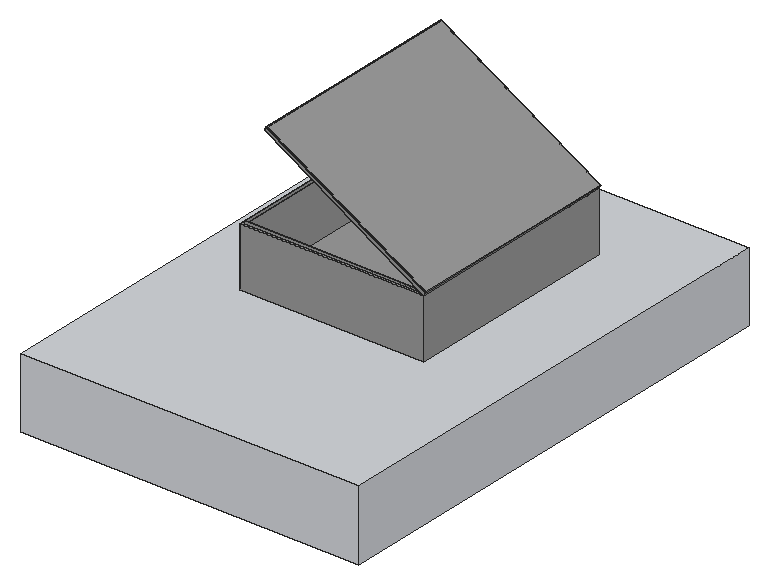
Revit family "Hager-Univers-IP55-D275-H950-Cl.II-Steel_encl-PT-pt", category Equipement électrique, Revit 2020
Family settings
  Hôte = Face
  Configuration du panneau = Deux colonnes, circuits au sein
  Cote de connecteur circulaire = Utiliser le diamètre
  Type d'élément = Tableau de raccordement
  Couper avec des vides une fois chargée = Non
  Partagée = Non
  Point de calcul de pièce = Non
Parameters (values of type "Montagem em superfície (gesso) IP55 L800 A950 P275  - FR63S")
  Width Control [instance] = if([EF000008 - Largura] > Min Width, [EF000008 - Largura], Min Width)  # 800 mm
  Commentaires du type = [HG000003 - Gama]  # "Univers"
  Thickness Door [instance] = if([EF009171 - Espessura do material da porta/tampa] > 3 mm, 3 mm, [EF009171 - Espessura do material da porta/tampa])  # 1.5 mm
  Seal Frame Offset [instance] = 17 mm  # constant formula
  Plinth Visibility [instance] = [HG000027 - Altura da Plinta] > 0 mm  # no
  Model = ""
  Min Width [instance] = 100 mm  # constant formula
  Min Height [instance] = 100 mm  # constant formula
  Min Depth [instance] = (2 * [EF009170 - Espessura do material do invólucro]) + 1 mm  # 4 mm
  Internal Frame Depth [instance] = (Door System Depth * 0.5)  # 9 mm
  Height Control [instance] = if([EF000040 - Altura] > Min Height, [EF000040 - Altura], Min Height)  # 950 mm
  HG000027 - Altura da Plinta = 0 mm
  HG000026 - Instalação no chão = no
  HG000024 - Altura da secção inferior = 800 mm
  HG000023 - Recinto de secção dupla = no
  HG000016 - Visibilidade da porta 3D [instance] = yes
  HG000015 - Visibilidade através da porta [instance] = no
  HG000014 - Porta à direita [instance] = yes
  HG000013 - Porta à esquerda [instance] = not([HG000014 - Porta à direita])  # no
  HG000012 - Ângulo de abertura de porta [instance] = 30.00°
  HG000010 - Portas assimétricas = no
  HG000009 - Porta dupla = no
  HG000006 - Encastrado = no
  HG000004 - Referência do Fabricante = "FR63S"
  HG000003 - Gama = "Univers"
  HG000002 - Com porta ou tampa = yes
  Frame Offset Bottom [instance] = 10 mm  # constant formula
  Frame Offset [instance] = 15 mm  # constant formula
  EF015940 - Tampa com libertação de sobrepressão = no
  EF011959 - Grau de proteção (NEMA) = ""
  EF009554 - Número de aberturas para placas de flange = 6
  Fabricant = "Hager"  # constant formula
  EF009212 - Tipo de tampa = "EV000116 - Fechado"
  EF009171 - Espessura do material da porta/tampa = 1.5 mm
  EF009170 - Espessura do material do invólucro = 1.5 mm
  EF008873 - Corrente nominal (In) = 800 A
  EF007800 - Adequado para proteção contra raios = no
  EF006306 - Com fecho = no
  EF006244 - Tampa/porta transparente = no
  EF005474 - Grau de proteção (IP) = "EV006420 - IP55"
  EF004464 - Tipo de porta = "EV002646 - Único"
  EF004427 - Número de módulos = 216
  EF004293 - Força de impacto = "EV008784 - IK10"
  EF003532 - Adequado para uso no exterior = no
  EF002950 - Largura em número de módulos = 24
  EF001613 - Integridade do circuito = "EV000494 - Nenhum"
  EF001596 - Material do corpo = "EV000179 - Aço"
  EF001131 - Profundidade interior = 275 mm
  EF001088 - Extensão possível = yes
  EF000437 - Número de entradas de condutores = 6
  EF000339 - Tipo de difusor = "EV004216 - Porta"
  EF000266 - Número de linhas = 6
  EF000218 - Profundidade incorporada = 0 mm
  EF000118 - Com tampa de montagem = no
  EF000116 - Número RAL = "7035"
  EF000049 - Profundidade = 275 mm
  EF000040 - Altura = 950 mm
  EF000008 - Largura = 800 mm
  EF000007 - Cor = "EV000270 - Cinzento"
  EF000003 - Método de montagem = "EV000384 - Montagem em superfície (gesso)"
  Door System Leaf Tolerance [instance] = 1.5 mm  # constant formula
  Door System Depth [instance] = 18 mm  # constant formula
  Door Height [instance] = Height Control - [HG000027 - Altura da Plinta]  # 950 mm
  Depth Control [instance] = if([EF000049 - Profundidade] > Min Depth, [EF000049 - Profundidade], Min Depth)  # 275 mm
  Default Elevation = 0 mm
  Connector Offset [instance] = Height Control / 2  # 475 mm
  Bottom Top Plate Trim [instance] = 1.5 mm  # constant formula
  Plinth height Ctrl [instance] = if([HG000027 - Altura da Plinta] > 0 mm, [HG000027 - Altura da Plinta], 12 mm)  # 12 mm
Types (5, lengths in mm): name | Width Control | HG000010 - Portas assimétricas | HG000009 - Porta dupla | HG000004 - Referência do Fabricante | EF009554 - Número de aberturas para placas de flange | EF004464 - Tipo de porta | EF004427 - Número de módulos | EF000437 - Número de entradas de condutores | EF000008 - Largura
  Montagem em superfície (gesso) IP55 L1050 A950 P275  - FR64S | 1050 | no | yes | "FR64S" | 8 | "EV003602 - Duplo" | 288 | 8 | 1050
  Montagem em superfície (gesso) IP55 L1300 A950 P275  - FR65S | 1300 | yes | yes | "FR65S" | 10 | "EV003602 - Duplo" | 360 | 10 | 1300
  Montagem em superfície (gesso) IP55 L300 A950 P275  - FR61S | 300 | no | no | "FR61S" | 2 | "EV002646 - Único" | 72 | 2 | 300
  Montagem em superfície (gesso) IP55 L550 A950 P275  - FR62S | 550 | no | no | "FR62S" | 4 | "EV002646 - Único" | 144 | 4 | 550
  Montagem em superfície (gesso) IP55 L800 A950 P275  - FR63S | 800 | no | no | "FR63S" | 6 | "EV002646 - Único" | 216 | 6 | 800
Reference planes
  plane 1 "Center (Front/Back)": y = 0
  plane 2: z = 0
  plane 3 "Center (Left/Right)": x = 0
  plane 4: z = 275
  plane 5: y = 1.5
  plane 6: y = 475
  plane 7: y = 0
  plane 8: y = 950
  plane 9: z = 0
  plane 10: x = -385
  plane 11: x = 385
  plane 12: x = 383.5
  plane 13: x = -383.5
  plane 14: y = 948.5
  plane 15: x = -383
  plane 16: x = -400
  plane 17: x = 383
  plane 18: x = 400
  plane 19: x = 398.5
  plane 20: x = -398.5
  plane 21: y = 11.5
  plane 22: y = 950
  plane 23: y = 933.5
  plane 24: z = 257
  plane 25: z = 1.5
  plane 26: z = 255.5
  plane 27: z = 273.5
Forms (mm)
  Extrusion 1, solid
    sketch origin (0, 0, 0) x (1, 0, 0) y (0, 1, 0)
      loop
        line (-702.964, 1305) -> (-702.964, -811.445) -> (766.763, -811.445) -> (766.763, 1305) -> (-702.964, 1305)
    from 0 to -304.8
  Extrusion 2, solid, material "Hager_Steel_RAL7035_Light_Grey", visible <- "Plinth Visibility", detail levels medium+fine
    sketch origin (0, 0, 0) x (1, 0, 0) y (0, 1, 0)
      loop
        line (-400, 0) -> (400, 0) -> (400, 12) -> (-400, 12) -> (-400, 0)
    from 0 to 257
  Extrusion 3, solid, material "Hager_Steel_RAL7035_Light_Grey", detail levels medium+fine
    sketch origin (0, 0, 0) x (1, 0, 0) y (0, 1, 0)
      loop
        line (-400, 0) -> (400, 0) -> (400, 950) -> (-400, 950) -> (-400, 0)
    from 0 to 257
  Extrusion 4, void
    sketch origin (0, 0, 0) x (1, 0, 0) y (0, 1, 0)
      loop
        line (-398.5, 1.5) -> (398.5, 1.5) -> (398.5, 948.5) -> (-398.5, 948.5) -> (-398.5, 1.5)
    from 1.5 to 255.5
  Extrusion 5, void
    sketch origin (-381.607, -4572, 257) x (0, -1, 0) y (-1, 0, 0)
      loop
        line (-4583.5, 1.893) -> (-5505.5, 1.893) -> (-5505.5, -765.107) -> (-4583.5, -765.107) -> (-4583.5, 1.893)
    from 0 to 1.5 <- "EF009170 - Espessura do material do invólucro"
  Extrusion 6, solid, material "Hager_Steel_RAL7035_Light_Grey", detail levels fine
    sketch origin (0, 0, 257) x (1, 0, 0) y (0, 1, 0)
      loop
        line (-383.5, 933.5) -> (-383.5, 11.5) -> (383.5, 11.5) -> (383.5, 933.5) -> (-383.5, 933.5)
      loop
        line (-385, 10) -> (385, 10) -> (385, 935) -> (-385, 935) -> (-385, 10)
    from 0 to 9 <- "Internal Frame Depth"
  Extrusion 7, solid, material "Hager_Steel_RAL7035_Light_Grey", detail levels coarse
    sketch origin (0, 0, 0) x (1, 0, 0) y (0, 1, 0)
      loop
        line (-400, 0) -> (400, 0) -> (400, 950) -> (-400, 950) -> (-400, 0)
    from 0 to 275
  Sweep 8, void
    path in 3D
      loop
        line (-400, 12, 0) -> (400, 12, 0) -> (400, 12, 257) -> (-400, 12, 257) -> (-400, 12, 0)
    profile origin (-400, 12, 128.5) x (-1, 0, 0) y (0, -1, 0)
      loop
        line (0, 0) -> (0, 1.5) -> (-1.5, 1.5)
        arc (-1.5, 1.5) -> (-1.061, 0.439) -> (0, 0) r 1.5
Cuts and joins
  Extrusion 4, Extrusion 5 cuts Extrusion 3
  Sweep 8 cuts Extrusion 2
Lines and regions (mm)
  Masking region 1
    outline origin (0, 0, 0) x (1, 0, 0) y (0, 0, 1)
      loop
        line (-400, 275) -> (-400, 0) -> (400, 0) -> (400, 275) -> (-400, 275)
  Masking region 2, detail levels medium+fine
    outline origin (0, 140, 0) x (0, 1, 0) y (0, 0, 1)
      loop
        line (-140, 0) -> (810, 0) -> (810, 257) -> (-140, 257) -> (-140, 0)
  Masking region 3, not visible, detail levels medium+fine
    outline origin (0, 297.922, 0) x (0, 1, 0) y (0, 0, 1)
      loop
        line (188.578, 0) -> (228.578, 0) -> (228.578, 263.5)
        arc (228.578, 263.5) -> (225.649, 270.571) -> (218.578, 273.5) r 10
        line (218.578, 273.5) -> (188.578, 273.5) -> (188.578, 0)
  Masking region 4, detail levels coarse
    outline origin (0, 0, 180) x (0, 1, 0) y (0, 0, 1)
      loop
        line (0, -180) -> (950, -180) -> (950, 95) -> (0, 95) -> (0, -180)
  Masking region 5, visible <- "Plinth Visibility", detail levels medium+fine
    outline origin (0, 52.24, 12.345) x (0, 0, -1) y (0, 1, 0)
      loop
        line (10.845, -40.24) -> (-243.155, -40.24)
        arc (-243.155, -40.24) -> (-243.594, -41.301) -> (-244.655, -41.74) r 1.5
        line (-244.655, -41.74) -> (-244.655, -52.24) -> (12.345, -52.24) -> (12.345, -41.74)
        arc (12.345, -41.74) -> (11.285, -41.301) -> (10.845, -40.24) r 1.5
  Masking region 6, detail levels medium+fine
    outline origin (-381.607, -4572, 257) x (-1, 0, 0) y (0, -1, 0)
      loop
        line (18.393, -5522) -> (18.393, -4572) -> (-781.607, -4572) -> (-781.607, -5522) -> (18.393, -5522)
  Masking region 7, visible <- "Plinth Visibility", detail levels medium+fine
    outline origin (-381.607, -4727, 257) x (-1, 0, 0) y (0, -1, 0)
      loop
        arc (16.893, -4739) -> (17.332, -4737.939) -> (18.393, -4737.5) r 1.5
        line (18.393, -4737.5) -> (18.393, -4727) -> (-781.607, -4727) -> (-781.607, -4737.5)
        arc (-781.607, -4737.5) -> (-780.546, -4737.939) -> (-780.107, -4739) r 1.5
        line (-780.107, -4739) -> (16.893, -4739)
  Masking region 8, detail levels coarse
    outline origin (-442.548, -4669.526, 257) x (-1, 0, 0) y (0, -1, 0)
      loop
        line (-42.548, -5619.526) -> (-42.548, -4669.526) -> (-842.548, -4669.526) -> (-842.548, -5619.526) -> (-42.548, -5619.526)
  sketch lines
    curve 1: line (-400, 12, 257) -> (-400, 12, 0)
    curve 2: line (400, 12, 257) -> (-400, 12, 257)
    curve 3: line (400, 12, 257) -> (400, 12, 0)
    curve 4: line (-400, 12, 0) -> (400, 12, 0)
Dimensions and locks
  "Depth Control": plane 4 to Extrusion 1
  "HG000027 - Altura da Plinta": plane 1 "Center (Front/Back)" to plane 7
  "EF009170 - Espessura do material do invólucro": plane 5 to plane 7
  locked: connector elem to plane 3 "Center (Left/Right)"
  equal spacing: plane 8, plane 6, plane 7
  locked: connector elem to plane 6
  "EF009170 - Espessura do material do invólucro": plane 8 to plane 14
  "EF009170 - Espessura do material do invólucro": plane 10 to plane 13
  "EF009170 - Espessura do material do invólucro": plane 12 to plane 11
  "Frame Offset": plane 20 to plane 13
  "Frame Offset": plane 12 to plane 19
  "EF009170 - Espessura do material do invólucro": plane 16 to plane 20
  "EF009170 - Espessura do material do invólucro": plane 19 to plane 18
  "Seal Frame Offset": plane 16 to plane 15
  "Seal Frame Offset": plane 17 to plane 18
  "Frame Offset Bottom": plane 21 to plane 5
  "Frame Offset": plane 14 to plane 23
  equal spacing: plane 16, plane 3 "Center (Left/Right)", plane 18
  "Width Control": plane 16 to plane 18
  "EF009170 - Espessura do material do invólucro": plane 4 to plane 27
  "EF009170 - Espessura do material do invólucro": plane 24 to plane 26
  "EF009170 - Espessura do material do invólucro": plane 25 to level
  "Door System Depth": plane 4 to plane 24
  "Height Control": plane 1 "Center (Front/Back)" to Extrusion 7 sketch curve
  "Height Control": Masking region 4 sketch curve to plane 1 "Center (Front/Back)"
  "Height Control": plane 1 "Center (Front/Back)" to plane 22
  "Bottom Top Plate Trim": profile plane to Sweep 8 sketch curve
  "Bottom Top Plate Trim": Sweep 8 sketch curve to profile plane
  "Plinth height Ctrl": plane 1 "Center (Front/Back)" to Extrusion 2 sketch curve
  "Plinth height Ctrl": Masking region 5 sketch curve to plane 1 "Center (Front/Back)"
  "Plinth height Ctrl": plane 1 "Center (Front/Back)" to Masking region 7 sketch curve
  "Thickness Door": Extrusion 6 sketch curve to Extrusion 6 sketch curve  (x3)
  "Thickness Door": cut or joined group of Extrusion 3, Extrusion 4, Extrusion 5 to Extrusion 6 sketch curve
  radius of Masking region 3 sketch curve = 10 mm
  "Bottom Top Plate Trim": radius of Masking region 5 sketch curve  (x2)
  "Bottom Top Plate Trim": radius of Sweep 8 sketch curve
  "Bottom Top Plate Trim": radius of Masking region 7 sketch curve  (x2)
  aligned and locked: plane 2 to Extrusion 1
  aligned and locked: level to Extrusion 1
  aligned and locked: level to Masking region 1 sketch curve
  aligned and locked: Masking region 1 sketch curve to plane 18
  aligned and locked: Masking region 1 sketch curve to plane 16
  aligned and locked: plane 7 to Masking region 2 sketch curve
  aligned and locked: level to Masking region 3 sketch curve
  aligned and locked: Masking region 3 sketch curve to plane 27
  aligned and locked: level to Masking region 2 sketch curve
  aligned and locked: plane 1 "Center (Front/Back)" to Extrusion 2 sketch curve
  aligned and locked: Extrusion 3 sketch curve to plane 7
  aligned and locked: plane 16 to Extrusion 3 sketch curve
  aligned and locked: plane 18 to Extrusion 3 sketch curve
  aligned and locked: plane 20 to Extrusion 4 sketch curve
  aligned and locked: plane 19 to Extrusion 4 sketch curve
  aligned and locked: Extrusion 4 sketch curve to plane 5
  aligned and locked: Extrusion 4 to plane 25
  aligned and locked: plane 26 to Extrusion 4
  aligned and locked: plane 24 to Extrusion 3
  aligned and locked: Extrusion 5 sketch curve to plane 21
  aligned and locked: Extrusion 5 sketch curve to plane 13
  aligned and locked: Extrusion 5 sketch curve to plane 12
  aligned and locked: plane 18 to Extrusion 7 sketch curve
  aligned and locked: plane 1 "Center (Front/Back)" to Extrusion 7 sketch curve
  aligned and locked: plane 16 to Extrusion 7 sketch curve
  aligned and locked: plane 4 to Extrusion 7
  aligned and locked: Extrusion 7 to level
  aligned and locked: level to Masking region 4 sketch curve
  aligned and locked: Masking region 4 sketch curve to plane 1 "Center (Front/Back)"
  aligned and locked: Masking region 4 sketch curve to plane 4
  aligned and locked: nested 1 to level
  aligned and locked: nested 1 to plane 16
  aligned and locked: plane 8 to Extrusion 3 sketch curve
  aligned and locked: plane 23 to Extrusion 5 sketch curve
  aligned and locked: plane 14 to Extrusion 4 sketch curve
  aligned and locked: Masking region 2 sketch curve to plane 8
  aligned and locked: level to Masking region 5 sketch curve
  aligned and locked: plane 16 to Extrusion 2 sketch curve
  aligned and locked: plane 18 to Extrusion 2 sketch curve
  aligned and locked: Masking region 5 sketch curve to plane 24
  aligned and locked: Masking region 2 sketch curve to plane 24
  aligned and locked: plane 24 to Extrusion 2
  aligned and locked: profile plane to Sweep 8 sketch curve  (x2)
  aligned and locked: Masking region 6 sketch curve to plane 18
  aligned and locked: Masking region 6 sketch curve to plane 22
  aligned and locked: Masking region 6 sketch curve to plane 16
  aligned and locked: plane 8 to plane 22
  aligned and locked: Masking region 6 sketch curve to plane 7
  aligned and locked: Masking region 7 sketch curve to plane 16
  aligned and locked: Masking region 7 sketch curve to plane 1 "Center (Front/Back)"
  aligned and locked: Masking region 7 sketch curve to plane 18
  aligned and locked: Masking region 8 sketch curve to plane 1 "Center (Front/Back)"
  aligned and locked: Masking region 8 sketch curve to plane 18
  aligned and locked: Masking region 8 sketch curve to plane 22
  aligned and locked: Masking region 8 sketch curve to plane 16
  aligned and locked: nested 2 to plane 7
  aligned and locked: plane 3 "Center (Left/Right)" to nested 2
  aligned and locked: nested 2 to plane 24
  aligned and locked: Extrusion 6 sketch curve to cut or joined group of Extrusion 3, Extrusion 4, Extrusion 5  (x4)
Automatic sketch dimensions
  Extrusion 1 sketch curve to Extrusion 1 sketch curve = 1469.727 mm
  Extrusion 1 sketch curve to Extrusion 1 sketch curve = 2116.445 mm
  Masking region 1 sketch curve to plane 4 = 0 mm
  plane 6 to Masking region 3 sketch curve = 11.5 mm
  Masking region 3 sketch curve to Masking region 3 sketch curve = 30 mm
  Masking region 5 sketch curve to plane 1 "Center (Front/Back)" = 0 mm
Nested families
  nested 1: "Hager_Enclosure_Symbol" at (-400, 0, 0) x (1, 0, 0) z (0, -1, 0), Height <- "Depth Control", Width <- "Width Control", type "Hager_Enclosure_Symbol"
    with Width_Ctrl 800 mm, Width 800 mm, Height_Ctrl 275 mm, Height 275 mm, A_Width_Int 18.047 mm, A_Width 216.562 mm, A_Height_Ctrl 240.625 mm, A_Height 240.625 mm
  nested 2: "EC000058_Univers_Door" at (0, 0, 257) x (1, 0, 0) z (0, 1, 0), Leaf_Tolerance <- "Door System Leaf Tolerance", Angle <- "HG000012 - Ângulo de abertura de porta", Door_Depth <- "Door System Depth", Door_Left <- "HG000013 - Porta à esquerda", Transparent <- "EF006244 - Tampa/porta transparente", Assymetrical <- "HG000010 - Portas assimétricas", Width <- "Width Control", Clearance <- "HG000015 - Visibilidade através da porta", Double <- "HG000009 - Porta dupla", 3d_Door <- "HG000016 - Visibilidade da porta 3D", Lock_Visibility <- "EF006306 - Com fecho", Width_Ctrl <- "Width Control", Door_Right <- "HG000014 - Porta à direita", Door <- "HG000002 - Com porta ou tampa", Height <- "Door Height", Thickness <- "Thickness Door", type "EC000058_Univers_Door", detail levels medium+fine
    with min_wh 4 mm, Width_Ctrl 800 mm, Width 800 mm, Transparent no, Thickness 1.5 mm, Seal_Material Hager_Rubber, Lock_Visibility no, Lock_Material Hager_Plastic_RAL9005_Jet_Black, Leaf_Width 800 mm, Leaf_Tolerance_External_Sides 0 mm, Leaf_Tolerance 1.5 mm, Leaf_Offset 0 mm, Leaf_Height 947 mm, Leaf_2_Width 800 mm, Leaf_2_Offset 400 mm, Leaf_1_Width 800 mm, Leaf_1_Offset 400 mm, Height_Ctrl 950 mm, Height 950 mm, Glass_Material Hager_Glass, Double_Clearance_Ctrl no, Double no, Door_Right_Ctrl yes, Door_Right yes, Door_Material Hager_Steel_RAL7035_Light_Grey, Door_Left_Ctrl no, Door_Left no, Door_Depth 18 mm, Door yes, Clearance_Material Hager_Clearance, Clearance_Depth 800 mm, Clearance_Ctrl no, Clearance no, Assymetrical no, Angle 30.00°, 3d_Door yes
Connectors
  electrical at (0, 475, 0)
    settings: on plane 9, index 1, voltage 0 V, apparent load 0 VA, apparent load phase1 0 VA, apparent load phase2 0 VA, apparent load phase3 0 VA, power factor 1, load classification "Other", number of poles 1, system type 30, power factor state 1, is connector primary yes, connector utility no, sub classification motor no, connector description ""
Definition of nested family "EC000058_Univers_Door"
  Parameters (values of type "EC000058_Univers_Door")
    min_wh [instance] = (2 * Thickness) + 1 mm  # 11 mm
    Width_Ctrl [instance] = 400 mm
    Width [instance] = 500 mm
    Transparent [instance] = yes
    Thickness [instance] = 5 mm
    Seal_Material [instance] = none
    Lock_Visibility [instance] = yes
    Lock_Material [instance] = none
    Leaf_Width [instance] = if((Width_Ctrl - 2 * Leaf_Tolerance_External_Sides) > 0 mm, (Width_Ctrl - 2 * Leaf_Tolerance_External_Sides), min_wh)  # 400 mm
    Leaf_Tolerance_External_Sides [instance] = 0 mm  # constant formula
    Leaf_Tolerance [instance] = 1.5 mm
    Leaf_Offset [instance] = 0 mm  # constant formula
    Leaf_Height [instance] = if((Height_Ctrl - 2 * Leaf_Tolerance) > 0 mm, (Height_Ctrl - 2 * Leaf_Tolerance), min_wh)  # 497 mm
    Leaf_2_Width [instance] = if(and(and(Double, Assymetrical), Door_Left), (Leaf_Width / 3) - (Leaf_Tolerance / 2), if(and(and(Double, Assymetrical), Door_Right), (Leaf_Width / 3) * 2 - (Leaf_Tolerance / 2), if(and(Double, not(Assymetrical)), (Leaf_Width / 2) - Leaf_Tolerance, Leaf_Width)))  # 400 mm
    Leaf_2_Offset [instance] = if(and(Double, Assymetrical), Leaf_2_Width / 2, if(and(Double, not(Assymetrical)), Leaf_Width / 4, Leaf_Width / 2))  # 200 mm
    Leaf_1_Width [instance] = if(and(and(Double, Assymetrical), Door_Right), (Leaf_Width / 3) - (Leaf_Tolerance / 2), if(and(and(Double, Assymetrical), Door_Left), (Width / 3) * 2 - (Leaf_Tolerance / 2), if(and(Double, not(Assymetrical)), (Leaf_Width / 2) - Leaf_Tolerance, Leaf_Width)))  # 400 mm
    Leaf_1_Offset [instance] = if(and(Double, Assymetrical), Leaf_1_Width / 2, if(and(Double, not(Assymetrical)), Leaf_Width / 4, Leaf_Width / 2))  # 200 mm
    Height_Ctrl [instance] = if(Height > min_wh, Height, min_wh)  # 500 mm
    Height [instance] = 500 mm
    Glass_Material [instance] = none
    Double_Clearance_Ctrl [instance] = and(Double, Clearance)  # no
    Double [instance] = no
    Door_Right_Ctrl [instance] = and(or(Door_Right, Double), Door)  # yes
    Door_Right [instance] = yes
    Door_Material [instance] = none
    Door_Left_Ctrl [instance] = and(or(Door_Left, Double), Door)  # no
    Door_Left [instance] = no
    Door_Depth [instance] = 30 mm
    Door [instance] = yes
    Default Elevation = 1219.2 mm
    Clearance_Material [instance] = none
    Clearance_Depth [instance] = if(Leaf_1_Width > Leaf_2_Width, Leaf_1_Width, Leaf_2_Width)  # 400 mm
    Clearance_Ctrl [instance] = and(not(Double), Clearance)  # yes
    Clearance [instance] = yes
    Assymetrical [instance] = yes
    Angle [instance] = 30.00°
    3d_Door [instance] = yes
  Reference planes
    plane 1 "Center (Front/Back)": y = 0
    plane 2 "Bottom": z = 0
    plane 3 "Center (Left/Right)": x = 0
    plane 4: z = 500
    plane 5: x = -200
    plane 6: x = 200
    plane 7: z = 500
    plane 8: x = -200
    plane 9: z = 0
    plane 10: x = 200
    plane 11: y = 0
    plane 12: z = 1.5
    plane 13: x = -600
    plane 14: y = -400
    plane 15: x = 600
    plane 16: x = 0
    plane 17: x = 0
    plane 18: x = -200
    plane 19: x = 200
    plane 20: z = 498.5
  Forms (mm)
    Extrusion 1, solid, material <- "Clearance_Material", visible <- "Double_Clearance_Ctrl"
      sketch origin (1200, 0, 0) x (1, 0, 0) y (0, 0, -1)
        loop
          line (-1800, -498.5) -> (-600, -498.5) -> (-600, 0) -> (-1800, 0) -> (-1800, -498.5)
      from 0 to -400
  Dimensions and locks
    equal spacing: plane 5, plane 3 "Center (Left/Right)", plane 6
    "Width_Ctrl": plane 5 to plane 6
    "Leaf_Offset": plane 5 to plane 8
    "Leaf_Offset": plane 6 to plane 10
    "Leaf_Offset": plane 9 to level
    "Leaf_Offset": plane 4 to plane 7
    "Height_Ctrl": plane 4 to level
    "Leaf_Tolerance": plane 12 to plane 9
    locked: plane 11 to plane 1 "Center (Front/Back)"
    "Leaf_1_Offset": plane 18 to plane 16
    "Leaf_2_Offset": plane 17 to plane 19
    "Leaf_1_Width": plane 13 to plane 8
    "Leaf_2_Width": plane 10 to plane 15
    "Clearance_Depth": plane 14 to plane 1 "Center (Front/Back)"
    "Leaf_Tolerance_External_Sides": plane 8 to plane 18
    "Leaf_Tolerance_External_Sides": plane 19 to plane 10
    "Leaf_Tolerance": plane 7 to plane 20
    aligned and locked: level to plane 2 "Bottom"
    aligned and locked: nested 1 to plane 16
    aligned and locked: nested 2 to plane 17
    aligned and locked: Extrusion 1 to plane 13
    aligned and locked: plane 15 to Extrusion 1
    aligned and locked: Extrusion 1 to plane 14
    aligned and locked: plane 12 to nested 1
    aligned and locked: nested 2 to plane 12
    aligned and locked: Extrusion 1 to plane 11
    aligned and locked: plane 20 to Extrusion 1
    aligned and locked: nested 2 to plane 11
    aligned and locked: nested 1 to plane 11
  Automatic sketch dimensions
    Extrusion 1 sketch curve to level = 0 mm
    plane 5 to Extrusion 1 sketch curve = 400 mm
    plane 6 to Extrusion 1 sketch curve = 400 mm
    Extrusion 1 sketch curve to plane 4 = 1.5 mm
  Nested families
    nested 1: "EC000058_Univers_Door_Leaf" at (0, 0, 1.5), Width <- "Leaf_1_Width", visible <- "Door_Left_Ctrl", Leaf_Height <- "Leaf_Height", Angle <- "Angle", 3d_Door <- "3d_Door", Transparent <- "Transparent", Clearance Material <- "Clearance_Material", Clearance <- "Clearance_Ctrl", Door_Material <- "Door_Material", Glass_Material <- "Glass_Material", Door_Depth <- "Door_Depth", Lock_Material <- "Lock_Material", Seal_Material <- "Seal_Material", Lock_Visibility <- "Lock_Visibility", Thickness <- "Thickness", type "EC000058_Univers_Door_Leaf"
      with Width 400 mm, Transparent_Glass_Offset 30 mm, Transparent_Ctrl yes, Transparent yes, Thickness 5 mm, Standard no, Seal_Material none, Seal_D2 8 mm, Seal_D1 1 mm, Offset_Internal_Frame 10 mm, Lock_Width 20 mm, Lock_Visibility_3d yes, Lock_Visibility yes, Lock_Thickness_3 3 mm, Lock_Thickness_2 1 mm, Lock_Thickness_1 3 mm, Lock_Radius_Offset_2 16 mm, Lock_Radius_Offset_1 15 mm, Lock_Radius_2 5 mm, Lock_Radius 6 mm, Lock_Offset 5 mm, Lock_Material none, Lock_Height 80 mm, Lock_Cover_Top_Offset_2d 17 mm, Lock_Cover_Height -65 mm, Leaf_Height 497 mm, Internal_Seal_Thickness 8 mm, Internal_Seal_Depth_2 4.5 mm, Internal_Frame_Depth 25 mm, Glass_Thickness -1 mm, Glass_Offset -2 mm, Glass_Material none, Door_Material none, Door_Depth 30 mm, Clearance Material none, Clearance yes, Angle_Ctrl 30.00°, Angle 30.00°, 3d_Door yes
    nested 2: "EC000058_Univers_Door_Leaf" at (0, 0, 1.5) x (-1, 0, 0) z (0, 0, 1), Width <- "Leaf_2_Width", visible <- "Door_Right_Ctrl", Leaf_Height <- "Leaf_Height", Angle <- "Angle", 3d_Door <- "3d_Door", Transparent <- "Transparent", Clearance Material <- "Clearance_Material", Clearance <- "Clearance_Ctrl", Door_Material <- "Door_Material", Glass_Material <- "Glass_Material", Door_Depth <- "Door_Depth", Lock_Material <- "Lock_Material", Seal_Material <- "Seal_Material", Lock_Visibility <- "Lock_Visibility", Thickness <- "Thickness", type "EC000058_Univers_Door_Leaf"
      with Width 400 mm, Transparent_Glass_Offset 30 mm, Transparent_Ctrl yes, Transparent yes, Thickness 5 mm, Standard no, Seal_Material none, Seal_D2 8 mm, Seal_D1 1 mm, Offset_Internal_Frame 10 mm, Lock_Width 20 mm, Lock_Visibility_3d yes, Lock_Visibility yes, Lock_Thickness_3 3 mm, Lock_Thickness_2 1 mm, Lock_Thickness_1 3 mm, Lock_Radius_Offset_2 16 mm, Lock_Radius_Offset_1 15 mm, Lock_Radius_2 5 mm, Lock_Radius 6 mm, Lock_Offset 5 mm, Lock_Material none, Lock_Height 80 mm, Lock_Cover_Top_Offset_2d 17 mm, Lock_Cover_Height -65 mm, Leaf_Height 497 mm, Internal_Seal_Thickness 8 mm, Internal_Seal_Depth_2 4.5 mm, Internal_Frame_Depth 25 mm, Glass_Thickness -1 mm, Glass_Offset -2 mm, Glass_Material none, Door_Material none, Door_Depth 30 mm, Clearance Material none, Clearance yes, Angle_Ctrl 30.00°, Angle 30.00°, 3d_Door yes
  Definition of nested family "EC000058_Univers_Door_Leaf"
    Parameters (values of type "EC000058_Univers_Door_Leaf")
      Width [instance] = 2000 mm
      Transparent_Glass_Offset [instance] = 30 mm
      Transparent_Ctrl [instance] = and(Transparent, [3d_Door])  # yes
      Transparent [instance] = yes
      Thickness [instance] = 5 mm
      Standard [instance] = and(not(Transparent), [3d_Door])  # no
      Seal_Material [instance] = none
      Seal_D2 [instance] = 8 mm  # constant formula
      Seal_D1 [instance] = 1 mm  # constant formula
      Offset_Internal_Frame [instance] = 10 mm  # constant formula
      Lock_Width [instance] = 20 mm  # constant formula
      Lock_Visibility_3d [instance] = and(Lock_Visibility, [3d_Door])  # yes
      Lock_Visibility [instance] = yes
      Lock_Thickness_3 [instance] = 3 mm  # constant formula
      Lock_Thickness_2 [instance] = 1 mm  # constant formula
      Lock_Thickness_1 [instance] = 3 mm  # constant formula
      Lock_Radius_Offset_2 [instance] = Lock_Radius_Offset_1 + 1 mm  # 16 mm
      Lock_Radius_Offset_1 [instance] = 15 mm  # constant formula
      Lock_Radius_2 [instance] = Lock_Radius - 1 mm  # 5 mm
      Lock_Radius [instance] = 6 mm  # constant formula
      Lock_Offset [instance] = 5 mm  # constant formula
      Lock_Material [instance] = none
      Lock_Height [instance] = 80 mm  # constant formula
      Lock_Cover_Top_Offset_2d [instance] = Lock_Radius_Offset_2 + 1 mm  # 17 mm
      Lock_Cover_Height [instance] = -(Lock_Height - Lock_Radius_Offset_1)  # -65 mm
      Leaf_Height [instance] = 2720.336 mm
      Internal_Seal_Thickness [instance] = 8 mm  # constant formula
      Internal_Seal_Depth_2 [instance] = 4.5 mm  # constant formula
      Internal_Frame_Depth [instance] = if(Door_Depth - Thickness > 5 mm, Door_Depth - Thickness, 5 mm)  # 25 mm
      Glass_Thickness [instance] = if(Thickness > 15 mm, Glass_Offset + 10 mm, -1 mm)  # -1 mm
      Glass_Offset [instance] = if(Thickness > 15 mm, -(Thickness + 10 mm) / 2, -2 mm)  # -2 mm
      Glass_Material [instance] = none
      Door_Material [instance] = none
      Door_Depth [instance] = 30 mm
      Default Elevation = 0 mm
      Clearance Material [instance] = none
      Clearance [instance] = yes
      Angle_Ctrl [instance] = if(Angle > 180.00°, 180.00°, Angle)  # 90.00°
      Angle [instance] = 90.00°
      3d_Door [instance] = yes
    Reference planes
      plane 1 "Center (Front/Back)": y = 0
      plane 2: z = 0
      plane 3 "Center (Left/Right)": x = 0
      plane 4: y = 2000
      plane 5: x = -1000
      plane 6: x = 1000
      plane 7: x = -3000
      plane 8: z = 2720.336
      plane 9: z = 30
      plane 10: z = 2690.336
      plane 11: x = 970
      plane 12: x = -970
      plane 13: y = -3
      plane 14: z = 107.833
      plane 15: y = -5
      plane 16: y = -223.314
      plane 17: x = -1000
      plane 18: z = 1360.168
      plane 19: y = 30
    Forms (mm)
      Extrusion 1, solid, material <- "Clearance Material", visible <- "Clearance"
        sketch origin (0, 0, 0) x (1, 0, 0) y (0, 0, 1)
          loop
            line (-3000, 2720.336) -> (-3000, 0) -> (1000, 0) -> (1000, 2720.336) -> (-3000, 2720.336)
        from 0 to -2000
      Extrusion 2, solid, material <- "Door_Material", visible <- "Standard", detail levels medium+fine
        sketch origin (-1000, 0, 0) x (0, 1, 0) y (-1, 0, 0)
          loop
            line (0, 30) -> (0, 25) -> (2000, 25) -> (2000, 30) -> (0, 30)
        from 0 to 2720.336 <- "Leaf_Height"
      Extrusion 3, solid, material <- "Door_Material", visible <- "Transparent_Ctrl", detail levels medium+fine
        sketch origin (-1000, 0, 0) x (0, 1, 0) y (-1, 0, 0)
          loop
            line (0, 25) -> (2000, 25) -> (2000, 30) -> (0, 30) -> (0, 25)
        from 0 to 2720.336 <- "Leaf_Height"
      Extrusion 4, void
        sketch origin (-1025, 2000, 0) x (0, 1, 0) y (0, 0, -1)
          loop
            line (-30, -2690.336) -> (-30, -30) -> (-1970, -30) -> (-1970, -2690.336) -> (-30, -2690.336)
        from 0 to 5 <- "Thickness"
      Sweep 5, solid, material <- "Seal_Material", visible <- "Transparent_Ctrl", detail levels fine
        path in 3D
          loop
            line (-1025, 30, 30) -> (-1025, 30, 2690.336) -> (-1025, 1970, 2690.336) -> (-1025, 1970, 30) -> (-1025, 30, 30)
        profile origin (-1025, 1000, 30) x (1, 0, 0) y (0, 0, 1)
          loop
            line (0, 0) -> (0, -8) -> (1, -8) -> (1, 0) -> (0, 0)
      Extrusion 6, solid, material <- "Glass_Material", visible <- "Transparent_Ctrl", detail levels medium+fine
        sketch origin (-1030, 0, 0) x (0, 1, 0) y (0, 0, -1)
          loop
            line (1970, -2690.336) -> (1970, -30) -> (30, -30) -> (30, -2690.336) -> (1970, -2690.336)
        from -2 <- "Glass_Offset" to -1 <- "Glass_Thickness"
      Extrusion 7, solid, material <- "Door_Material", visible <- "3d_Door", detail levels medium+fine
        sketch origin (-1025, 2000, 0) x (0, -1, 0) y (0, 0, -1)
          loop
            line (0, -2720.336) -> (2000, -2720.336) -> (2000, 0) -> (0, 0) -> (0, -2720.336)
          loop
            line (1995, -5) -> (5, -5) -> (5, -2715.336) -> (1995, -2715.336) -> (1995, -5)
        from 0 to 25 <- "Internal_Frame_Depth"
      Sweep 8, solid, material <- "Seal_Material", visible <- "Transparent_Ctrl", detail levels fine
        path in 3D
          loop
            line (-1025, 0, 0) -> (-1025, 2000, 0) -> (-1025, 2000, 2720.336) -> (-1025, 0, 2720.336) -> (-1025, 0, 0)
        profile origin (-1025, 0, 1360.168) x (1, 0, 0) y (0, 1, 0)
          loop
            line (0, 10) -> (2.975, 10)
            arc (2.975, 10) -> (4.053, 10.447) -> (4.5, 11.525) r 1.525
            line (4.5, 11.525) -> (4.5, 16.527)
            arc (4.5, 16.527) -> (4.069, 17.569) -> (3.027, 18) r 1.473
            line (3.027, 18) -> (0, 18) -> (0, 10)
      Extrusion 9, solid, material <- "Lock_Material", visible <- "Lock_Visibility_3d", detail levels fine
        sketch origin (-1030, 0, 0) x (0, 1, 0) y (0, 0, -1)
          loop
            arc (1993.5, -1400.168) -> (1994.561, -1399.729) -> (1995, -1398.668) r 1.5
            line (1995, -1398.668) -> (1995, -1320.168) -> (1975, -1320.168) -> (1975, -1398.668)
            arc (1975, -1398.668) -> (1975.439, -1399.729) -> (1976.5, -1400.168) r 1.5
            line (1976.5, -1400.168) -> (1993.5, -1400.168)
        from 3 <- "Lock_Thickness_1" to 0
      Blend 10, solid, material <- "Lock_Material", visible <- "Lock_Visibility_3d", detail levels fine
        base sketch origin (-1033, 0, 0) x (0, 1, 0) y (0, 0, -1)
          loop
            line (1975, -1320.168) -> (1975, -1398.668)
            arc (1975, -1398.668) -> (1975.439, -1399.729) -> (1976.5, -1400.168) r 1.5
            line (1976.5, -1400.168) -> (1993.5, -1400.168)
            arc (1993.5, -1400.168) -> (1994.561, -1399.729) -> (1995, -1398.668) r 1.5
            line (1995, -1398.668) -> (1995, -1320.168) -> (1975, -1320.168)
        top sketch origin (-1033, 0, 0) x (0, 1, 0) y (0, 0, -1)
          loop
            line (1976, -1320.168) -> (1976, -1398.668)
            arc (1976, -1398.668) -> (1976.146, -1399.022) -> (1976.5, -1399.168) r 0.5
            line (1976.5, -1399.168) -> (1993.5, -1399.168)
            arc (1993.5, -1399.168) -> (1993.854, -1399.022) -> (1994, -1398.668) r 0.5
            line (1994, -1398.668) -> (1994, -1320.168) -> (1976, -1320.168)
        from 0 to 1 <- "Lock_Thickness_2"
      Blend 11, solid, material <- "Lock_Material", visible <- "Lock_Visibility_3d", detail levels fine
        base sketch origin (-1034, 0, 0) x (0, 1, 0) y (0, 0, -1)
          loop
            line (1978, -1320.168) -> (1978, -1384.168)
            arc (1978, -1384.168) -> (1985, -1391.168) -> (1992, -1384.168) r 7
            line (1992, -1384.168) -> (1992, -1320.168) -> (1978, -1320.168)
        top sketch origin (-1034, 0, 0) x (0, 1, 0) y (0, 0, -1)
          loop
            line (1991, -1320.168) -> (1979, -1320.168) -> (1979, -1383.168)
            arc (1979, -1383.168) -> (1985, -1389.168) -> (1991, -1383.168) r 6
            line (1991, -1383.168) -> (1991, -1320.168)
        from 0 to 3 <- "Lock_Thickness_3"
      Extrusion 12, solid, material <- "Lock_Material", visible <- "Lock_Visibility_3d", detail levels fine
        sketch origin (-1030, 1975, 1320.168) x (1, 0, 0) y (0, -1, 0)
          loop
            line (-7, -19) -> (-7, -1) -> (0, -1) -> (0, 0) -> (-8, 0) -> (-8, -20) -> (0, -20) -> (0, -19) -> (-7, -19)
        from 0 to -65 <- "Lock_Cover_Height"
      Extrusion 13, void
        sketch origin (-1038, 1995, 1320.168) x (-1, 0, 0) y (0, 0, -1)
          loop
            line (-5, -65) -> (0, -65) -> (-5, -60) -> (-5, -65)
        from 0 to 20 <- "Lock_Width"
      Extrusion 14, void
        sketch origin (-1038, 1975, 1320.168) x (0, -1, 0) y (0, 0, -1)
          loop
            circle (-10, -15.995) r 6
          loop
            circle (-10, -15.995) r 5
        from 0 to 2
      Extrusion 15, solid, material <- "Lock_Material", visible <- "Lock_Visibility_3d", detail levels medium
        sketch origin (-1030, 0, 0) x (0, 1, 0) y (0, 0, -1)
          loop
            arc (1993.5, -1400.168) -> (1994.561, -1399.729) -> (1995, -1398.668) r 1.5
            line (1995, -1398.668) -> (1995, -1320.168) -> (1975, -1320.168) -> (1975, -1398.668)
            arc (1975, -1398.668) -> (1975.439, -1399.729) -> (1976.5, -1400.168) r 1.5
            line (1976.5, -1400.168) -> (1993.5, -1400.168)
        from 8 to 0
    Cuts and joins
      Extrusion 4 cuts Extrusion 3
      Extrusion 13, Extrusion 14 cuts Extrusion 9
      Extrusion 14 cuts Blend 11
      Extrusion 13, Extrusion 14 cuts Extrusion 12
      joined: Extrusion 9, Blend 10, Blend 11, Extrusion 12
      Extrusion 14 cuts Extrusion 15
    Lines and regions (mm)
      Masking region 1, visible <- "Lock_Visibility", detail levels fine
        outline origin (0, 0, 0) x (0, 1, 0) y (0, 0, 1)
          loop
            line (30, 1320.168) -> (33, 1320.168) -> (33, 1400.168) -> (30, 1400.168) -> (30, 1320.168)
      Masking region 2, visible <- "Lock_Visibility", detail levels fine
        outline origin (0, 3.143, 0) x (0, 1, 0) y (0, 0, 1)
          loop
            line (29.857, 1354.168) -> (30.857, 1354.168) -> (30.857, 1366.168) -> (29.857, 1366.168) -> (29.857, 1354.168)
      Masking region 3, detail levels medium+fine
        outline origin (0, 0, 0) x (0, 1, 0) y (0, 0, 1)
          loop
            line (0, 0) -> (30, 0) -> (30, 2720.336) -> (0, 2720.336) -> (0, 0)
      Masking region 4, detail levels medium+fine
        outline origin (0, 0, 0) x (1, 0, 0) y (0, 0, 1)
          loop
            line (-1000, 2720.336) -> (-1000, 0) -> (1000, 0) -> (1000, 2720.336) -> (-1000, 2720.336)
      Masking region 5, visible <- "Lock_Visibility", detail levels fine
        outline origin (-47.116, 0, 0) x (1, 0, 0) y (0, 0, 1)
          loop
            arc (1024.616, 1399.168) -> (1023.556, 1398.729) -> (1023.116, 1397.668) r 1.5
            line (1023.116, 1397.668) -> (1023.116, 1320.168) -> (1041.116, 1320.168) -> (1041.116, 1397.668)
            arc (1041.116, 1397.668) -> (1040.677, 1398.729) -> (1039.616, 1399.168) r 1.5
            line (1039.616, 1399.168) -> (1024.616, 1399.168)
      Masking region 6, visible <- "Lock_Visibility", detail levels medium+fine
        outline origin (-25, 0, 0) x (1, 0, 0) y (0, 0, 1)
          loop
            arc (1001.5, 1400.168) -> (1000.439, 1399.729) -> (1000, 1398.668) r 1.5
            line (1000, 1398.668) -> (1000, 1320.168) -> (1020, 1320.168) -> (1020, 1398.668)
            arc (1020, 1398.668) -> (1019.561, 1399.729) -> (1018.5, 1400.168) r 1.5
            line (1018.5, 1400.168) -> (1001.5, 1400.168)
      Masking region 7, visible <- "Lock_Visibility", detail levels fine
        outline origin (-73.735, 0, 0) x (1, 0, 0) y (0, 0, 1)
          loop
            line (1051.735, 1382.168) -> (1065.735, 1382.168) -> (1065.735, 1384.168)
            arc (1065.735, 1384.168) -> (1058.735, 1391.168) -> (1051.735, 1384.168) r 7
            line (1051.735, 1384.168) -> (1051.735, 1382.168)
      Masking region 8, visible <- "Lock_Visibility", detail levels fine
        outline origin (-73.735, 0, 0) x (1, 0, 0) y (0, 0, 1)
          loop
            line (1052.735, 1382.168) -> (1064.735, 1382.168) -> (1064.735, 1383.168)
            arc (1064.735, 1383.168) -> (1058.735, 1389.168) -> (1052.735, 1383.168) r 6
            line (1052.735, 1383.168) -> (1052.735, 1382.168)
      Masking region 9, visible <- "Lock_Visibility", detail levels fine
        outline origin (-25, 0, 0) x (1, 0, 0) y (0, 0, 1)
          loop
            line (1020, 1320.168) -> (1020, 1382.168) -> (1000, 1382.168) -> (1000, 1320.168) -> (1020, 1320.168)
      Masking region 10, detail levels medium+fine
        outline origin (0, 0, 0) x (1, 0, 0) y (0, 0, 1)
          loop
            circle (985, 1335.144) r 6
      Masking region 11, detail levels fine
        outline origin (0, 0, 0) x (1, 0, 0) y (0, 0, 1)
          loop
            circle (985, 1335.144) r 5
      Masking region 12, visible <- "Lock_Visibility", detail levels fine
        outline origin (0, 12.767, 0) x (0, 1, 0) y (0, 0, 1)
          loop
            line (20.233, 1320.168) -> (21.233, 1320.168) -> (21.233, 1399.168) -> (20.233, 1400.168) -> (20.233, 1320.168)
      Masking region 13, visible <- "Lock_Visibility", detail levels fine
        outline origin (0, 13.767, -10) x (0, 1, 0) y (0, 0, 1)
          loop
            line (20.233, 1330.168) -> (23.233, 1330.168) -> (23.233, 1399.168) -> (20.233, 1402.168) -> (20.233, 1330.168)
      Masking region 14, visible <- "Lock_Visibility", detail levels fine
        outline origin (0, 12.767, -10) x (0, 1, 0) y (0, 0, 1)
          loop
            line (20.233, 1330.168) -> (25.233, 1330.168) -> (25.233, 1399.305) -> (20.233, 1394.305) -> (20.233, 1330.168)
      Masking region 15, visible <- "Lock_Visibility", detail levels medium
        outline origin (0, 0, 0) x (0, 1, 0) y (0, 0, 1)
          loop
            line (30, 1320.168) -> (38, 1320.168) -> (38, 1400.168) -> (30, 1400.168) -> (30, 1320.168)
      Masking region 16, visible <- "Lock_Visibility", detail levels fine
        outline origin (-1000, 0, 0) x (0, 1, 0) y (-1, 0, 0)
          loop
            line (1975, 30) -> (1995, 30) -> (1995, 38) -> (1975, 38) -> (1975, 30)
          loop
            line (1979, 37) -> (1976, 37) -> (1976, 34) -> (1978, 34) -> (1979, 37)
          loop
            line (1994, 37) -> (1991, 37) -> (1992, 34) -> (1994, 34) -> (1994, 37)
      Masking region 17, visible <- "Lock_Visibility", detail levels medium
        outline origin (-1000, 0, 0) x (0, 1, 0) y (-1, 0, 0)
          loop
            line (1975, 30) -> (1995, 30) -> (1995, 38) -> (1975, 38) -> (1975, 30)
      symbolic lines
        curve 1: line (1000, 0, 0) -> (-3000, 0, 0)
        curve 2: arc (1000, 0, 0) -> (-1000, 2000, 0) -> (-3000, 0, 0) r 2000
        curve 4: line (-1030, 0, 0) -> (-1030, 2000, 0)
      reference lines
        curve 3: line (-1000, 0, 0) -> (-1000, 2000, 0)
      symbolic lines, detail levels medium+fine
        curve 5: line (-1030, 2000, 0) -> (-1025, 2000, 0)
        curve 7: line (-1025, 0, 0) -> (-1030, 0, 0)
        curve 8: line (-1025, 0, 0) -> (-1000, 0, 0)
        curve 9: line (-1000, 0, 0) -> (-1000, 2000, 0)
        curve 10: line (-1000, 2000, 0) -> (-1025, 2000, 0)
      symbolic lines, detail levels fine
        curve 6: line (-1025, 2000, 0) -> (-1025, 0, 0)
      sketch lines
        curve 11: line (-1025, 0, 2720.336) -> (-1025, 0, 0)
        curve 12: line (-1025, 2000, 0) -> (-1025, 0, 0)
        curve 13: line (-1025, 2000, 2720.336) -> (-1025, 2000, 0)
        curve 14: line (-1025, 0, 2720.336) -> (-1025, 2000, 2720.336)
        curve 15: line (-1025, 1970, 30) -> (-1025, 30, 30)
        curve 16: line (-1025, 30, 30) -> (-1025, 30, 2690.336)
        curve 17: line (-1025, 1970, 2690.336) -> (-1025, 1970, 30)
        curve 18: line (-1025, 30, 2690.336) -> (-1025, 1970, 2690.336)
      symbolic lines, visible <- "Transparent", detail levels medium+fine
        curve 19: line (-970, 0, 2690.336) -> (970, 0, 2690.336)
        curve 20: line (-970, 0, 30) -> (-970, 0, 2690.336)
        curve 21: line (970, 0, 30) -> (-970, 0, 30)
        curve 22: line (970, 0, 2690.336) -> (970, 0, 30)
    Dimensions and locks
      "Width": plane 1 "Center (Front/Back)" to plane 4
      equal spacing: plane 5, plane 3 "Center (Left/Right)", plane 6
      "Width": plane 5 to plane 6
      "Width": plane 7 to plane 5
      "Leaf_Height": plane 8 to level
      "Width": curve 5 to curve 3
      "Width": curve 3 to curve 3
      plane 8 to plane 10 = 30 mm
      plane 9 to level = 30 mm
      plane 12 to plane 5 = 30 mm
      plane 6 to plane 11 = 30 mm
      Extrusion 1 to Extrusion 4 sketch curve = 30 mm
      "Transparent_Glass_Offset": curve 3 to Extrusion 4 sketch curve
      "Transparent_Glass_Offset": Extrusion 4 sketch curve to cut or joined group of Extrusion 3, Extrusion 4  (x2)
      cut or joined group of Extrusion 3, Extrusion 4 to Extrusion 6 sketch curve = 30 mm
      "Transparent_Glass_Offset": cut or joined group of Extrusion 3, Extrusion 4 to Extrusion 4 sketch curve
      "Thickness": curve 6 to curve 4
      "Thickness": Extrusion 7 sketch curve to Extrusion 7 sketch curve  (x4)
      "Door_Depth": curve 4 to curve 3
      "Offset_Internal_Frame": profile plane to Sweep 8 sketch curve
      "Internal_Seal_Thickness": Sweep 8 sketch curve to Sweep 8 sketch curve
      "Internal_Seal_Depth_2": profile plane to Sweep 8 sketch curve
      "Seal_D1": profile plane to Sweep 5 sketch curve
      "Seal_D2": profile plane to Sweep 5 sketch curve
      "Thickness": Extrusion 2 sketch curve to Extrusion 2 sketch curve
      equal spacing: Extrusion 9 sketch curve, plane 18, Extrusion 9 sketch curve  (x2)
      equal spacing: Masking region 1 sketch curve, plane 18, Masking region 1 sketch curve
      "Lock_Height": Masking region 1 sketch curve to Masking region 1 sketch curve
      "Lock_Radius": Masking region 2 sketch curve to plane 18 to Masking region 2 sketch curve
      Masking region 2 sketch curve to Masking region 1 = 1 mm
      "Door_Depth": plane 19 to plane 1 "Center (Front/Back)"
      "Lock_Thickness_1": Masking region 1 sketch curve to plane 19
      "Lock_Width": Extrusion 9 sketch curve to Extrusion 9 sketch curve
      "Lock_Height": Extrusion 9 sketch curve to Extrusion 9 sketch curve
      "Lock_Offset": cut or joined group of Extrusion 3, Extrusion 4 to Extrusion 9 sketch curve
      equal spacing: plane 8, plane 18, level
      "Lock_Radius_Offset_1": Blend 11 sketch curve to Blend 10
      locked: Blend 10 to Blend 11 sketch curve at 2  (x2)
      locked: var sketch to Blend 11 sketch curve at 1  (x2)
      "Lock_Radius_Offset_2": Blend 11 sketch curve to Blend 10
      locked: Extrusion 12 sketch curve to Extrusion 12 sketch curve at 1  (x3)
      Masking region 6 sketch curve to Masking region 6 sketch curve = 80 mm
      "Lock_Height": Masking region 6 sketch curve to Masking region 6 sketch curve
      "Lock_Width": Masking region 6 sketch curve to Masking region 6 sketch curve
      locked: Masking region 6 to Masking region 5 sketch curve at 1  (x3)
      locked: Masking region 5 to Masking region 7 sketch curve at 2  (x2)
      "Lock_Radius_Offset_1": Masking region 5 to Masking region 7 sketch curve
      "Lock_Radius_Offset_2": Masking region 5 to Masking region 8 sketch curve
      locked: Masking region 7 to Masking region 8 sketch curve at 1  (x2)
      "Lock_Cover_Top_Offset_2d": Masking region 5 to Masking region 9 sketch curve
      equal spacing: Masking region 9, Masking region 10 sketch curve, Masking region 9
      equal spacing: Masking region 9, Masking region 11 sketch curve, Masking region 9
      Extrusion 15 sketch curve to Extrusion 15 sketch curve = 80 mm
      "Lock_Width": Extrusion 15 sketch curve to Extrusion 15 sketch curve
      "Lock_Height": Extrusion 15 sketch curve to Extrusion 15 sketch curve
      equal spacing: Extrusion 15 sketch curve, plane 18, Extrusion 15 sketch curve
      "Lock_Thickness_3": Masking region 13 sketch curve to Masking region 13 sketch curve
      "Lock_Height": Masking region 12 sketch curve to Masking region 12 sketch curve
      locked: Masking region 13 sketch curve to Masking region 1 at 8
      locked: Masking region 14 sketch curve to Masking region 13 at 1
      locked: Masking region 14 sketch curve to Masking region 1 at 10.863
      "Lock_Height": Masking region 15 sketch curve to Masking region 15 sketch curve
      "Lock_Offset": Extrusion 15 sketch curve to cut or joined group of Extrusion 3, Extrusion 4
      "Lock_Offset": plane 6 to Masking region 6 sketch curve
      radius of Sweep 8 sketch curve = 1.525 mm
      radius of Sweep 8 sketch curve = 1.473 mm
      radius of Extrusion 9 sketch curve = 1.5 mm  (x2)
      "Lock_Radius": radius of Extrusion 14 sketch curve
      "Lock_Radius_2": radius of Extrusion 14 sketch curve
      "Lock_Radius": radius of Masking region 10 sketch curve
      "Lock_Radius_2": radius of Masking region 11 sketch curve
      radius of Extrusion 15 sketch curve = 1.5 mm  (x2)
      "Angle_Ctrl": angle plane 1 "Center (Front/Back)" to curve 3
      locked: Masking region 12 sketch curve to Masking region 12 sketch curve (angle 45.00°)
      locked: Masking region 13 sketch curve to Masking region 13 sketch curve (angle 45.00°)
      locked: Masking region 14 sketch curve to Masking region 14 sketch curve (angle 45.00°)
      aligned and locked: level to plane 2
      aligned and locked: Extrusion 1 to curve 1
      aligned and locked: plane 6 to Extrusion 1
      aligned and locked: Extrusion 1 to plane 1 "Center (Front/Back)"
      aligned and locked: plane 4 to Extrusion 1
      aligned and locked: plane 8 to Extrusion 1
      aligned and locked: curve 7 to Extrusion 2 sketch curve
      aligned and locked: curve 5 to Extrusion 2 sketch curve
      aligned and locked: curve 7 to Extrusion 3 sketch curve
      aligned and locked: Extrusion 3 sketch curve to curve 4
      aligned and locked: Extrusion 3 sketch curve to curve 6
      aligned and locked: Extrusion 3 sketch curve to curve 5
      aligned and locked: curve 9 to curve 3
      aligned and locked: Extrusion 7 sketch curve to cut or joined group of Extrusion 3, Extrusion 4  (x4)
      aligned and locked: plane 17 to curve 3
      aligned and locked: plane 1 "Center (Front/Back)" to curve 3
      aligned and locked: plane 17 to plane 5
      aligned and locked: Sweep 8 sketch curve to profile plane
      aligned and locked: Sweep 5 sketch curve to profile plane  (x2)
      aligned and locked: Masking region 1 to Masking region 2 sketch curve
      aligned and locked: plane 19 to Masking region 1 sketch curve
      aligned and locked: plane 1 "Center (Front/Back)" to Masking region 3 sketch curve
      aligned and locked: plane 19 to Masking region 3 sketch curve
      aligned and locked: level to Masking region 3 sketch curve
      aligned and locked: Masking region 3 sketch curve to plane 8
      aligned and locked: plane 17 to Masking region 4 sketch curve
      aligned and locked: level to Masking region 4 sketch curve
      aligned and locked: Masking region 4 sketch curve to plane 8
      aligned and locked: plane 12 to curve 20
      aligned and locked: plane 10 to curve 19
      aligned and locked: plane 11 to curve 22
      aligned and locked: curve 21 to plane 9
      aligned and locked: Extrusion 2 sketch curve to cut or joined group of Extrusion 3, Extrusion 4
      aligned and locked: Blend 10 sketch curve to Extrusion 9  (x4)
      aligned and locked: Extrusion 9 to Blend 10 sketch curve
      aligned and locked: Blend 10 to Blend 11 sketch curve
      aligned and locked: Extrusion 12 sketch curve to Blend 11
      aligned and locked: Extrusion 12 sketch curve to Extrusion 9  (x4)
      aligned and locked: Masking region 5 sketch curve to Masking region 6
      aligned and locked: Masking region 9 sketch curve to Masking region 6  (x3)
      aligned and locked: Masking region 12 sketch curve to Masking region 1
      aligned and locked: Masking region 13 sketch curve to Masking region 1
      aligned and locked: Masking region 12 to Masking region 14
      aligned and locked: Masking region 14 sketch curve to Masking region 1
      aligned and locked: Masking region 15 sketch curve to Masking region 14
      aligned and locked: Masking region 13 sketch curve to Masking region 12
      aligned and locked: Masking region 16 sketch curve to cut or joined group of Extrusion 14, Extrusion 15  (x4)
      aligned and locked: Masking region 16 sketch curve to cut or joined group of Extrusion 9, Blend 10, Blend 11, Extrusion 12, Extrusion 13, Extrusion 14  (x6)
      aligned and locked: cut or joined group of Extrusion 9, Blend 10, Blend 11, Extrusion 12, Extrusion 13, Extrusion 14 to Masking region 16 sketch curve
      aligned and locked: Masking region 17 sketch curve to cut or joined group of Extrusion 14, Extrusion 15  (x3)
      aligned and locked: Masking region 17 sketch curve to cut or joined group of Extrusion 9, Blend 10, Blend 11, Extrusion 12, Extrusion 13, Extrusion 14
      aligned and locked: Masking region 9 to Masking region 8 sketch curve
      aligned and locked: Masking region 9 to Masking region 7 sketch curve
    Automatic sketch dimensions
      plane 1 "Center (Front/Back)" to curve 2 = 0 mm
      curve 2 to plane 5 = 0 mm
      Extrusion 1 sketch curve to level = 0 mm
      Extrusion 1 sketch curve to plane 7 = 0 mm
      Extrusion 1 sketch curve to plane 6 = 0 mm
      Extrusion 1 sketch curve to plane 8 = 0 mm
      Extrusion 3 to Extrusion 6 sketch curve = 30 mm  (x4)
      Masking region 4 sketch curve to plane 6 = 0 mm
      Blend 10 sketch curve to Extrusion 9 = 1.5 mm
      Blend 10 sketch curve to Extrusion 9 = 1 mm
      Extrusion 13 sketch curve to Extrusion 12 = 0 mm  (x2)
      Extrusion 12 to Extrusion 13 sketch curve = 3 mm
      Extrusion 13 sketch curve to Extrusion 12 = 5 mm
      Extrusion 14 sketch curve to Extrusion 14 sketch curve = 0 mm  (x2)
      Extrusion 14 sketch curve to Extrusion 12 = 10 mm
      Extrusion 14 sketch curve to Extrusion 12 = 15.995 mm
      Masking region 5 sketch curve to Masking region 5 sketch curve = 1.5 mm  (x2)
      Masking region 10 sketch curve to plane 18 = 25.024 mm
      Masking region 11 sketch curve to plane 18 = 25.024 mm
      plane 19 to Masking region 14 sketch curve = 3 mm
      Masking region 16 sketch curve to Masking region 16 sketch curve = 3 mm
      curve 4 to curve 3 = 0 mm
      Blend 10 to Blend 11 sketch curve = 0 mm
      Masking region 6 sketch curve to Masking region 6 sketch curve = 1.5 mm  (x2)
      Masking region 6 sketch curve to plane 18 = 40 mm
      plane 19 to Masking region 12 sketch curve = 3 mm
      Masking region 12 sketch curve to Masking region 12 sketch curve = 1 mm
      Masking region 15 sketch curve to plane 19 = 0 mm
      Masking region 15 sketch curve to plane 18 = 40 mm
      radius of Blend 10 sketch curve to Extrusion 9 = 1 mm
Definition of nested family "Hager_Enclosure_Symbol"
  Parameters (values of type "Hager_Enclosure_Symbol")
    Width_Ctrl [instance] = if(Width > 1 mm, Width, 1 mm)  # 102.27 mm
    Width [instance] = 102.27 mm
    Height_Ctrl [instance] = if(Height > 1 mm, Height, 1 mm)  # 66.5 mm
    A_Width_Int [instance] = if(A_Width / 12 > 2 mm, A_Width / 12, 2 mm)  # 4.364 mm
    A_Width [instance] = if(A_Height_Ctrl * 0.9 > 2 mm, A_Height_Ctrl * 0.9, 2 mm)  # 52.369 mm
    A_Height_Ctrl [instance] = if(A_Height > 2 mm, A_Height, 2 mm)  # 58.188 mm
    Height [instance] = 66.5 mm
    A_Height [instance] = Height - (Height / 8)  # 58.188 mm
  Reference planes
    plane 1 "Centre (avant/arrière)": y = 0
    plane 2: z = 0
    plane 3 "Centre (gauche/droite)": x = 0
    plane 4: x = 52.369
    plane 5: y = 33.042
    plane 6: y = 41.77
    plane 7: y = 66.5
    plane 8: x = 26.184
    plane 9: y = 37.406
    plane 10: x = 102.27
    plane 11: y = 66.5
    plane 12: y = 8.313
  Lines and regions (mm)
    Filled region 1, type "Solid_Black", in view "Niveau de réf."
      outline origin (0, 0, 0) x (1, 0, 0) y (0, 1, 0)
        loop
          line (52.369, 66.5) -> (33.188, 54.536) -> (45.365, 45.006) -> (52.369, 66.5)
    Filled region 2, type "Solid_Black", in view "Niveau de réf."
      outline origin (0, 0, 0) x (1, 0, 0) y (0, 1, 0)
        loop
          line (0, 0) -> (102.27, 0) -> (102.27, 66.5) -> (0, 0)
    detail lines, in view "Niveau de réf."
      curve 1: line (0, 8.313, 0) -> (26.184, 41.77, 0)
      curve 2: line (26.184, 41.77, 0) -> (26.184, 33.042, 0)
      curve 3: line (26.184, 33.042, 0) -> (52.369, 66.5, 0)
  Dimensions and locks
    "A_Width": plane 3 "Centre (gauche/droite)" to plane 4
    equal spacing: plane 3 "Centre (gauche/droite)", plane 8, plane 4
    equal spacing: plane 6, plane 9, plane 5
    equal spacing: curve 3, Filled region 1 sketch curve, Filled region 1 sketch curve
    "Height_Ctrl": plane 1 "Centre (avant/arrière)" to plane 11
    "A_Height_Ctrl": plane 11 to plane 12
    equal spacing: plane 11, plane 9, plane 12
    "A_Width_Int": plane 6 to plane 9
    "Width_Ctrl": plane 3 "Centre (gauche/droite)" to plane 10
    angle Filled region 1 sketch curve to curve 3 = 20.00°
    angle curve 3 to Filled region 1 sketch curve = 20.00°
    locked: curve 3 to Filled region 1 sketch curve (angle 90.00°)
    aligned and locked: plane 10 to Filled region 2
    aligned and locked: plane 11 to Filled region 2 sketch curve
    aligned and locked: plane 10 to Filled region 2 sketch curve
    aligned and locked: plane 3 "Centre (gauche/droite)" to curve 1
    aligned and locked: plane 12 to curve 1
    aligned and locked: plane 7 to plane 11
  Automatic sketch dimensions
    Filled region 1 sketch curve to plane 4 = 0 mm
    Filled region 1 sketch curve to plane 7 = 0 mm
    plane 1 "Centre (avant/arrière)" to Filled region 2 sketch curve = 0 mm
    Filled region 2 sketch curve to plane 3 "Centre (gauche/droite)" = 0 mm
    curve 2 to plane 6 = 0 mm
    curve 2 to plane 8 = 0 mm
    curve 3 to plane 4 = 0 mm
    curve 2 to plane 5 = 0 mm
    curve 3 to plane 7 = 0 mm
